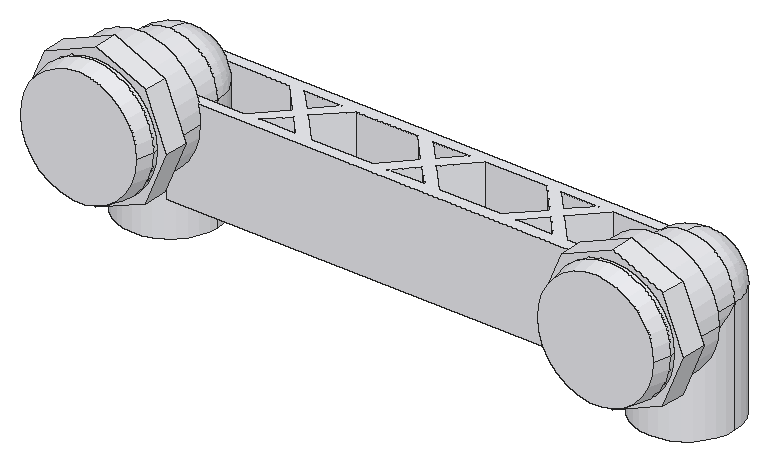
Revit family "ME_Оборудование [фитинг полипропиленовый - планка с водорозетками VTp.724.0]1 - VALTEC", category Оборудование, Revit 2019
Family settings
  Размер круглого соединителя = Использовать диаметр
  Классификация = Нет
  Тип детали = Нормальный
  На основе рабочей плоскости = Нет
  Всегда вертикально = Да
  При загрузке вырезать с полостями = Нет
  Общий = Нет
  Точка расчета площади = Нет
Parameters (values of type "VTp.724.0")
  Таблица = "PF_Соединение [фитинг полипропиленовый - планка с водорозетками VTp.724.0] - VALTEC"  # constant formula
  Пользовательский [instance] = no
  Материал доп.1 = Сталь, нержавеющая - VALTEC
  Manufacturer = ""
  r [instance] = size_lookup(Таблица, "r", 0 mm, d1, d2)  # 13.4 mm
  h5 [instance] = size_lookup(Таблица, "h5", 0 mm, d1, d2)  # 1.6 mm
  h2 [instance] = size_lookup(Таблица, "h2", 0 mm, d1, d2)  # 1.1 mm
  h1 [instance] = size_lookup(Таблица, "h1", 0 mm, d1, d2)  # 4.8 mm
  dn4 [instance] = size_lookup(Таблица, "dn4", 0 mm, d1, d2)  # 26.8 mm
  dn3 [instance] = size_lookup(Таблица, "dn3", 0 mm, d1, d2)  # 37.1 mm
  h3 [instance] = size_lookup(Таблица, "h4", 0 mm, d1, d2)  # 6.7 mm
  dn2 [instance] = size_lookup(Таблица, "dn2", 0 mm, d1, d2)  # 34.5 mm
  h4 [instance] = size_lookup(Таблица, "h3", 0 mm, d1, d2)  # 9 mm
  dn1 [instance] = size_lookup(Таблица, "dn1", 0 mm, d1, d2)  # 32.7 mm
  d2 [instance] = 15 mm
  d1 [instance] = 20 mm
  URL = "https://valtec.ru/"
  L [instance] = size_lookup(Таблица, "L", 0 mm, d1, d2)  # 145 mm
  H [instance] = size_lookup(Таблица, "H", 0 mm, d1, d2)  # 32 mm
  ADSK_Расход жидкости [instance] = 0.0 L/s
  ADSK_Примечание [instance] = ""
  ADSK_Позиция [instance] = ""
  ADSK_Обозначение [instance] = "VTp.724.0"  # constant formula
  ADSK_Наименование [instance] = size_lookup(Таблица, "", "Данный типоразмер отсутствует", d1, d2)  # "Планка полипропиленовая с водорозетками, 20 мм х 1/2\""
  ADSK_Материал = Пластик белый - VALTEC
  ADSK_Масса [instance] = size_lookup(Таблица, "Масса", 0, d1, d2)  # 0.122
  ADSK_Марка [instance] = size_lookup(Таблица, "Маркировка", "Данный типоразмер отсутствует", d1, d2)  # "20х1/2\""
  ADSK_Код изделия [instance] = size_lookup(Таблица, "Код продукта", "Данный типоразмер отсутствует", d1, d2)  # "VTp.724.0.02004"
  ADSK_Завод-изготовитель [instance] = "VALTEC"  # constant formula
  ADSK_Единица измерения [instance] = "шт."  # constant formula
  ADSK_URL страницы изделия = "https://valtec.ru/catalog/sistemy_polipropilenovyh_truboprovodov/polipropilenovye_fitingi/planka_polipropilenovaya_s_vodorozetkami.html"
  ADSK_URL документации изделия = "https://valtec.ru/document/technical/VTp.700-fitingi-0419.pdf"
  A [instance] = size_lookup(Таблица, "A", 0 mm, d1, d2)  # 22 mm
Reference planes
  plane 1 "По центру (Вперед/Назад)": y = 0
  plane 2: z = 0
  plane 3 "По центру (Влево/Вправо)": x = 0
  plane 4: y = -32
  plane 5: x = -72.5
  plane 6: x = 72.5
  plane 7: y = -27.2
  plane 8: y = -26.1
  plane 9: y = -19.4
  plane 10: y = -10.4
  plane 11: y = -8.8
  plane 12: y = 11
  plane 13: y = 8
  plane 14: y = -11
  plane 15: y = -8
  plane 16: y = 13.4
  plane 17: z = 13.4
  plane 18: z = -13.4
  plane 19: z = 13.4
  plane 20: z = -13.4
  plane 21: z = -32
  plane 22: z = -22
  plane 23: z = -19
  plane 24: z = 5
Forms (mm)
  Blend 1, solid, material "Пластик белый - VALTEC" <- "ADSK_Материал", detail levels medium+fine
    base sketch origin (0, 0, 0) x (1, 0, 0) y (0, 0, 1)
      loop
        circle (-72.5, 0) r 16.35
    top sketch origin (0, 0, 0) x (1, 0, 0) y (0, 0, 1)
      loop
        circle (-72.5, 0) r 17.25
    from 32 to 27.2
  Blend 2, solid, material "Пластик белый - VALTEC" <- "ADSK_Материал", detail levels medium+fine
    base sketch origin (145, 0, 0) x (1, 0, 0) y (0, 0, 1)
      loop
        circle (-72.5, 0) r 16.35
    top sketch origin (145, 0, 0) x (1, 0, 0) y (0, 0, 1)
      loop
        circle (-72.5, 0) r 17.25
    from 32 to 27.2
  Extrusion 3, solid, material "Пластик белый - VALTEC" <- "ADSK_Материал", detail levels medium+fine
    sketch origin (0, 0, 0) x (1, 0, 0) y (0, 0, 1)
      loop
        circle (-72.5, 0) r 17.25
      loop
        circle (72.5, 0) r 17.25
    from 26.1 to 27.2
  Extrusion 4, solid, material "Пластик белый - VALTEC" <- "ADSK_Материал", detail levels medium+fine
    sketch origin (0, 0, 0) x (1, 0, 0) y (0, 0, 1)
      loop
        circle (-72.5, 0) r 17.25
      loop
        circle (72.5, 0) r 17.25
    from 10.4 to 19.4
  Blend 5, solid, material "Пластик белый - VALTEC" <- "ADSK_Материал", detail levels medium+fine
    base sketch origin (0, 0, 0) x (1, 0, 0) y (0, 0, 1)
      loop
        circle (-72.5, 0) r 17.25
    top sketch origin (0, 0, 0) x (1, 0, 0) y (0, 0, 1)
      loop
        circle (-72.5, 0) r 13.4
    from 10.4 to 8.8
  Blend 6, solid, material "Пластик белый - VALTEC" <- "ADSK_Материал", detail levels medium+fine
    base sketch origin (145, 0, 0) x (1, 0, 0) y (0, 0, 1)
      loop
        circle (-72.5, 0) r 17.25
    top sketch origin (145, 0, 0) x (1, 0, 0) y (0, 0, 1)
      loop
        circle (-72.5, 0) r 13.4
    from 10.4 to 8.8
  Extrusion 7, solid, material "Пластик белый - VALTEC" <- "ADSK_Материал", detail levels medium+fine
    sketch origin (0, 0, 0) x (1, 0, 0) y (0, 0, 1)
      loop
        circle (-72.5, 0) r 13.4
      loop
        circle (72.5, 0) r 13.4
    from 0 to 11
  Extrusion 8, solid, material "Пластик белый - VALTEC" <- "ADSK_Материал", detail levels medium+fine
    sketch origin (0, 0, 0) x (1, 0, 0) y (0, 1, 0)
      loop
        circle (-72.5, 0) r 13.4
      loop
        circle (72.5, 0) r 13.4
    from -32 to 0
  Revolve 9, solid, material "Пластик белый - VALTEC" <- "ADSK_Материал", detail levels medium+fine
    sketch origin (-72.5, 2000, 1200) x (0, 1, 0) y (0, 0, 1)
      loop
        arc (-1986.6, -1200) -> (-1990.525, -1190.525) -> (-2000, -1186.6) r 13.4
        line (-2000, -1186.6) -> (-2000, -1200) -> (-1986.6, -1200)
      axis (-1986.6, -1200) -> (-2000, -1200)
    angle from 0 to 360
  Revolve 10, solid, material "Пластик белый - VALTEC" <- "ADSK_Материал", detail levels medium+fine
    sketch origin (72.5, 2000, 1200) x (0, 1, 0) y (0, 0, 1)
      loop
        arc (-1986.6, -1200) -> (-1990.525, -1190.525) -> (-2000, -1186.6) r 13.4
        line (-2000, -1186.6) -> (-2000, -1200) -> (-1986.6, -1200)
      axis (-1986.6, -1200) -> (-2000, -1200)
    angle from 0 to 360
  Extrusion 11, solid, material "Пластик белый - VALTEC" <- "ADSK_Материал", detail levels medium+fine
    sketch origin (0, 0, 0) x (0, 1, 0) y (0, 0, 1)
      loop
        line (8, 5) -> (8, -19) -> (-8, -19) -> (-8, 5) -> (-11, 5) -> (-11, -22) -> (11, -22) -> (11, 5) -> (8, 5)
    from -72.5 to 72.5
  Extrusion 12, solid, material "Пластик белый - VALTEC" <- "ADSK_Материал", detail levels medium+fine
    sketch origin (0, 0, 0) x (1, 0, 0) y (0, 1, 0)
      loop
        line (7.975, -11) -> (12.025, -11) -> (-7.975, 11) -> (-12.025, 11) -> (7.975, -11)
    from -19 to 5
  Extrusion 13, solid, material "Пластик белый - VALTEC" <- "ADSK_Материал", detail levels medium+fine
    sketch origin (0, 0, 0) x (-1, 0, 0) y (0, -1, 0)
      loop
        line (7.975, 11) -> (-12.025, -11) -> (-7.975, -11) -> (12.025, 11) -> (7.975, 11)
    from -19 to 5
  Extrusion 14, solid, material "Пластик белый - VALTEC" <- "ADSK_Материал", detail levels medium+fine
    sketch origin (-36, 0, 0) x (1, 0, 0) y (0, 1, 0)
      loop
        line (7.975, -11) -> (12.025, -11) -> (-7.975, 11) -> (-12.025, 11) -> (7.975, -11)
    from -19 to 5
  Extrusion 15, solid, material "Пластик белый - VALTEC" <- "ADSK_Материал", detail levels medium+fine
    sketch origin (-36, 0, 0) x (-1, 0, 0) y (0, -1, 0)
      loop
        line (7.975, 11) -> (-12.025, -11) -> (-7.975, -11) -> (12.025, 11) -> (7.975, 11)
    from -19 to 5
  Extrusion 16, solid, material "Пластик белый - VALTEC" <- "ADSK_Материал", detail levels medium+fine
    sketch origin (36, 0, 0) x (1, 0, 0) y (0, 1, 0)
      loop
        line (7.975, -11) -> (12.025, -11) -> (-7.975, 11) -> (-12.025, 11) -> (7.975, -11)
    from -19 to 5
  Extrusion 17, solid, material "Пластик белый - VALTEC" <- "ADSK_Материал", detail levels medium+fine
    sketch origin (36, 0, 0) x (-1, 0, 0) y (0, -1, 0)
      loop
        line (7.975, 11) -> (-12.025, -11) -> (-7.975, -11) -> (12.025, 11) -> (7.975, 11)
    from -19 to 5
Cuts and joins
  joined: Blend 1, Blend 2, Extrusion 3, Extrusion 4, Blend 5, Blend 6, Extrusion 7, Extrusion 8, Revolve 9, Revolve 10, Extrusion 11, Extrusion 12, Extrusion 13, Extrusion 14, Extrusion 15, Extrusion 16, Extrusion 17
Lines and regions (mm)
  reference lines
    curve 1: line (-72.5, 0, 0) -> (-72.5, -32, 0)
    curve 2: line (72.5, 0, 0) -> (72.5, -32, 0)
    curve 3: line (-72.5, 0, 5) -> (-72.5, 0, -32)
    curve 4: line (72.5, 0, 5) -> (72.5, 0, -32)
  symbolic lines, detail levels coarse
    curve 5: line (-91.05, 0, 0) -> (-53.95, 0, 0)
    curve 6: line (53.95, 0, 0) -> (91.05, 0, 0)
    curve 7: line (-72.5, -32, 0) -> (-91.05, 0, 0)
    curve 8: line (-53.95, 0, 0) -> (-72.5, -32, 0)
    curve 9: line (53.95, 0, 0) -> (72.5, -32, 0)
    curve 10: line (91.05, 0, 0) -> (72.5, -32, 0)
  model lines, detail levels coarse
    curve 11: line (-72.5, 0, -18.55) -> (-72.5, 0, 18.55)
    curve 12: line (-72.5, 0, 18.55) -> (-72.5, -32, 0)
    curve 13: line (-72.5, -32, 0) -> (-72.5, 0, -18.55)
    curve 14: line (-72.5, 0, -18.55) -> (-72.5, 0, -32)
    curve 15: line (72.5, 0, 18.55) -> (72.5, 0, -18.55)
    curve 16: line (72.5, 0, 18.55) -> (72.5, -32, 0)
    curve 17: line (72.5, 0, -18.55) -> (72.5, -32, 0)
    curve 18: line (72.5, 0, -18.55) -> (72.5, 0, -32)
Dimensions and locks
  equal spacing: plane 6, plane 3 "По центру (Влево/Вправо)", plane 5
  "L": plane 6 to plane 5
  "H": plane 1 "По центру (Вперед/Назад)" to plane 4
  "h1": plane 7 to plane 4
  "h2": plane 8 to plane 7
  "h3": plane 9 to plane 8
  "h4": plane 10 to plane 9
  "h5": plane 11 to plane 10
  locked: plane 12 to plane 13 at 3
  locked: plane 14 to plane 15 at 3
  equal spacing: plane 14, plane 1 "По центру (Вперед/Назад)", plane 12
  "A": plane 12 to plane 14
  "r": plane 1 "По центру (Вперед/Назад)" to plane 16
  equal spacing: plane 18, plane 2, plane 17
  "dn4": plane 18 to plane 17
  plane 20 to plane 19 = 26.8 mm
  "dn4": plane 20 to plane 19
  "H": plane 21 to plane 2
  plane 21 to plane 22 to plane 23 = 10 mm locked, 3 mm locked
  locked: plane 24 to plane 2 at 5
  equal spacing: curve 5, plane 5, curve 5
  equal spacing: curve 6, plane 6, curve 6
  "dn3": curve 5 to curve 5
  "dn3": curve 6 to curve 6
  equal spacing: curve 11, plane 2, curve 11
  "dn3": curve 11 to curve 11
  equal spacing: curve 15, level, curve 15
  "dn3": curve 15 to curve 15
  "dn1": diameter of Blend 1 sketch curve
  "dn2": diameter of Blend 1 sketch curve
  "dn1": diameter of Blend 2 sketch curve
  "dn2": diameter of Blend 2 sketch curve
  "dn2": diameter of Extrusion 3 sketch curve  (x2)
  "dn2": diameter of Extrusion 4 sketch curve  (x2)
  "dn2": diameter of Blend 5 sketch curve
  "dn4": diameter of Blend 5 sketch curve
  "dn2": diameter of Blend 6 sketch curve
  "dn4": diameter of Blend 6 sketch curve
  "dn4": diameter of Extrusion 7 sketch curve  (x2)
  "dn4": diameter of Extrusion 8 sketch curve  (x2)
  "r": radius of Revolve 9 sketch curve
  "r": radius of Revolve 10 sketch curve
  aligned and locked: level to plane 2
  aligned and locked: plane 5 to Blend 1 sketch curve  (x2)
  aligned and locked: level to Blend 1 sketch curve  (x2)
  aligned and locked: level to Blend 2 sketch curve  (x2)
  aligned and locked: level to Extrusion 3 sketch curve  (x2)
  aligned and locked: plane 5 to Extrusion 3 sketch curve
  aligned and locked: level to Extrusion 4 sketch curve  (x2)
  aligned and locked: plane 5 to Extrusion 4 sketch curve
  aligned and locked: plane 7 to Blend 1
  aligned and locked: plane 7 to Blend 2
  aligned and locked: Blend 1 to plane 4
  aligned and locked: Blend 2 to plane 4
  aligned and locked: Extrusion 3 to plane 7
  aligned and locked: plane 8 to Extrusion 3
  aligned and locked: Extrusion 4 to plane 9
  aligned and locked: plane 10 to Extrusion 4
  aligned and locked: level to Blend 5 sketch curve  (x2)
  aligned and locked: plane 5 to Blend 5 sketch curve  (x2)
  aligned and locked: level to Blend 6 sketch curve  (x2)
  aligned and locked: Blend 5 to plane 10
  aligned and locked: Blend 6 to plane 10
  aligned and locked: plane 11 to Blend 6
  aligned and locked: plane 11 to Blend 5
  aligned and locked: plane 6 to Blend 6 sketch curve  (x2)
  aligned and locked: plane 6 to Blend 2 sketch curve  (x2)
  aligned and locked: plane 6 to Extrusion 3 sketch curve
  aligned and locked: plane 6 to Extrusion 4 sketch curve
  aligned and locked: plane 5 to nested 2
  aligned and locked: nested 1 to plane 6
  aligned and locked: nested 1 to plane 8
  aligned and locked: nested 2 to plane 8
  aligned and locked: plane 6 to Extrusion 7 sketch curve
  aligned and locked: level to Extrusion 7 sketch curve  (x2)
  aligned and locked: plane 5 to Extrusion 7 sketch curve
  aligned and locked: plane 14 to Extrusion 7
  aligned and locked: plane 6 to Extrusion 8 sketch curve
  aligned and locked: plane 1 "По центру (Вперед/Назад)" to Extrusion 8 sketch curve  (x2)
  aligned and locked: plane 5 to Extrusion 8 sketch curve
  aligned and locked: level to Revolve 9 sketch curve  (x2)
  aligned and locked: Revolve 9 sketch curve to plane 1 "По центру (Вперед/Назад)"
  aligned and locked: Revolve 9 sketch curve to level
  aligned and locked: plane 22 to Extrusion 11 sketch curve
  aligned and locked: Extrusion 11 sketch curve to plane 23
  aligned and locked: Extrusion 11 sketch curve to plane 15
  aligned and locked: plane 14 to Extrusion 11 sketch curve
  aligned and locked: Extrusion 11 sketch curve to plane 24  (x2)
  aligned and locked: Extrusion 11 to plane 5
  aligned and locked: Extrusion 11 to plane 6
  aligned and locked: plane 23 to cut or joined group 1 (Blend 1, Blend 2, Extrusion 3, Extrusion 4, Blend 5, Blend 6, Extrusion 7, Extrusion 8, Revolve 9, Revolve 10, Extrusion 11, Extrusion 12, Extrusion 13, Extrusion 14, Extrusion 15, Extrusion 16, Extrusion 17)  (x6)
  aligned and locked: cut or joined group 1 to plane 24  (x5)
  aligned and locked: plane 4 to curve 1
  aligned and locked: plane 4 to curve 2
  aligned and locked: plane 1 "По центру (Вперед/Назад)" to curve 1
  aligned and locked: plane 1 "По центру (Вперед/Назад)" to curve 2
  aligned and locked: curve 1 to plane 5
  aligned and locked: plane 6 to curve 2
  aligned and locked: plane 21 to curve 3
  aligned and locked: plane 24 to curve 3
  aligned and locked: curve 3 to plane 5
  aligned and locked: plane 21 to curve 4
  aligned and locked: plane 24 to curve 4
  aligned and locked: plane 6 to curve 4
  aligned and locked: plane 4 to curve 10
  aligned and locked: plane 4 to curve 8
  aligned and locked: plane 1 "По центру (Вперед/Назад)" to curve 6
  aligned and locked: plane 1 "По центру (Вперед/Назад)" to curve 11
  aligned and locked: plane 21 to curve 14
  aligned and locked: plane 4 to curve 13
  aligned and locked: curve 15 to plane 1 "По центру (Вперед/Назад)"
  aligned and locked: plane 21 to curve 18
  aligned and locked: plane 4 to curve 17
  aligned and locked: Extrusion 11 sketch curve to plane 13
  aligned and locked: plane 12 to Extrusion 11 sketch curve
Automatic sketch dimensions
  Extrusion 12 sketch curve to plane 12 = 0 mm
  plane 14 to Extrusion 12 sketch curve = 0 mm
  Extrusion 12 sketch curve to plane 3 "По центру (Влево/Вправо)" = 12.025 mm
  Extrusion 12 sketch curve to Extrusion 12 sketch curve = 4.05 mm  (x2)
  plane 3 "По центру (Влево/Вправо)" to Extrusion 12 sketch curve = 7.975 mm
  Extrusion 13 sketch curve to plane 12 = 0 mm
  plane 14 to Extrusion 13 sketch curve = 0 mm
  Extrusion 13 sketch curve to plane 3 "По центру (Влево/Вправо)" = 12.025 mm
  Extrusion 13 sketch curve to Extrusion 13 sketch curve = 4.05 mm  (x2)
  plane 3 "По центру (Влево/Вправо)" to Extrusion 13 sketch curve = 7.975 mm
  Extrusion 14 sketch curve to plane 12 = 0 mm
  plane 14 to Extrusion 14 sketch curve = 0 mm
  plane 5 to Extrusion 14 sketch curve = 24.475 mm
  Extrusion 14 sketch curve to Extrusion 14 sketch curve = 4.05 mm  (x2)
  Extrusion 14 sketch curve to Extrusion 14 sketch curve = 15.95 mm
  Extrusion 15 sketch curve to plane 12 = 0 mm
  plane 14 to Extrusion 15 sketch curve = 0 mm
  plane 3 "По центру (Влево/Вправо)" to Extrusion 15 sketch curve = 23.975 mm
  Extrusion 15 sketch curve to Extrusion 15 sketch curve = 4.05 mm  (x2)
  Extrusion 15 sketch curve to Extrusion 15 sketch curve = 15.95 mm
  Extrusion 16 sketch curve to plane 12 = 0 mm
  plane 14 to Extrusion 16 sketch curve = 0 mm
  plane 3 "По центру (Влево/Вправо)" to Extrusion 16 sketch curve = 23.975 mm
  Extrusion 16 sketch curve to Extrusion 16 sketch curve = 4.05 mm  (x2)
  Extrusion 16 sketch curve to Extrusion 16 sketch curve = 15.95 mm
  Extrusion 17 sketch curve to plane 12 = 0 mm
  plane 14 to Extrusion 17 sketch curve = 0 mm
  Extrusion 17 sketch curve to plane 6 = 24.475 mm
  Extrusion 17 sketch curve to Extrusion 17 sketch curve = 4.05 mm  (x2)
  Extrusion 17 sketch curve to Extrusion 17 sketch curve = 15.95 mm
  curve 7 to plane 5 = 0 mm
  curve 9 to plane 6 = 0 mm
  plane 1 "По центру (Вперед/Назад)" to curve 8 = 0 mm
  Revolve 9 sketch curve to plane 4 = 2794.516 mm
  plane 16 to Revolve 9 sketch curve = 1429.021 mm
  Revolve 10 sketch curve to level = 0 mm  (x2)
  Revolve 10 sketch curve to plane 1 "По центру (Вперед/Назад)" = 0 mm
  Revolve 10 sketch curve to plane 4 = 2794.516 mm
  plane 16 to Revolve 10 sketch curve = 1429.021 mm
  curve 13 to level = 0 mm
  curve 16 to level = 0 mm
Nested families
  nested 1: "Гайка - горизонталь" at (72.5, -22.75, 0) x (0, 1, 0) z (0, 0, 1), d <- "dn3", l <- "h3", ADSK_Материал <- "ADSK_Материал", type "Гайка - горизонталь", detail levels medium+fine
    with l 6.7 mm, d 37.1 mm, ADSK_Материал Пластик белый - VALTEC
  nested 2: "Гайка - горизонталь" at (-72.5, -22.75, 0) x (0, 1, 0) z (0, 0, 1), d <- "dn3", l <- "h3", ADSK_Материал <- "ADSK_Материал", type "Гайка - горизонталь", detail levels medium+fine
    with l 6.7 mm, d 37.1 mm, ADSK_Материал Пластик белый - VALTEC
Connectors
  piping at (-72.5, 0, -32), diameter 20, driven by "d1", driven by "ADSK_Расход жидкости"
    settings: on curve 3, index 1, connector inside diameter 609.6 mm, connector length 0 mm, flow factor 0, pipe flow 0.0 L/s, pressure drop 0.0 Pa, fitting loss kfactor 0, connector angle 0.00°, fixture units 0, engagement length 0 mm, angle of deflection 0.00°, flow configuration 0, flow direction 0, fitting loss method 0, system type 29, joint type 0, gender type 0, connector reference index 3, connector utility 0, adjustable connector no, is connector primary yes, connector description ""
  piping at (72.5, 0, -32), diameter 20, driven by "d1", driven by "ADSK_Расход жидкости"
    settings: on curve 4, index 2, connector inside diameter 609.6 mm, connector length 0 mm, flow factor 0, pipe flow 0.0 L/s, pressure drop 0.0 Pa, fitting loss kfactor 0, connector angle 0.00°, fixture units 0, engagement length 0 mm, angle of deflection 0.00°, flow configuration 0, flow direction 0, fitting loss method 0, system type 29, joint type 0, gender type 0, connector reference index 4, connector utility 0, adjustable connector no, is connector primary no, connector description ""
  piping at (-72.5, -32, 0), diameter 20, driven by "d1", driven by "ADSK_Расход жидкости"
    settings: on curve 1, index 3, connector inside diameter 609.6 mm, connector length 0 mm, flow factor 0, pipe flow 0.0 L/s, pressure drop 0.0 Pa, fitting loss kfactor 0, connector angle 0.00°, fixture units 0, engagement length 0 mm, angle of deflection 0.00°, flow configuration 0, flow direction 0, fitting loss method 0, system type 29, joint type 0, gender type 0, connector reference index 1, connector utility 0, adjustable connector no, is connector primary no, connector description ""
  piping at (72.5, -32, 0), diameter 20, driven by "d1", driven by "ADSK_Расход жидкости"
    settings: on curve 2, index 4, connector inside diameter 609.6 mm, connector length 0 mm, flow factor 0, pipe flow 0.0 L/s, pressure drop 0.0 Pa, fitting loss kfactor 0, connector angle 0.00°, fixture units 0, engagement length 0 mm, angle of deflection 0.00°, flow configuration 0, flow direction 0, fitting loss method 0, system type 29, joint type 0, gender type 0, connector reference index 2, connector utility 0, adjustable connector no, is connector primary no, connector description ""
Definition of nested family "Гайка - горизонталь"
  Parameters (values of type "Гайка - горизонталь")
    d [instance] = 588.881 mm
    l [instance] = 637.4 mm
    ADSK_Материал [instance] = none
  Reference planes
    plane 1 "По центру (Вперед/Назад)": y = 0
    plane 2: z = 0
    plane 3 "По центру (Влево/Вправо)": x = 0
    plane 4: y = 318.7
    plane 5: y = -318.7
    plane 6: through (0, -912.519, 2972.425) normal (0, -0.9239, -0.3827)
    plane 7: through (0, -1234.338, 2979.956) normal (0, -0.9239, -0.3827)
    plane 8: through (0, -1556.157, 2987.486) normal (0, -0.9239, -0.3827)
    plane 9: through (0, 1234.338, 2979.956) normal (0, -0.9239, 0.3827)
    plane 10: through (0, -2420.114, 1321.144) normal (0, -0.3827, -0.9239)
    plane 11: through (0, -2532.792, 1049.117) normal (0, -0.3827, -0.9239)
    plane 12: through (0, -2645.469, 777.089) normal (0, -0.3827, -0.9239)
    plane 13: through (0, 2420.114, 1321.144) normal (0, -0.3827, 0.9239)
    plane 14: through (0, 2532.792, 1049.117) normal (0, -0.3827, 0.9239)
    plane 15: through (0, 2645.469, 777.089) normal (0, -0.3827, 0.9239)
    plane 16: through (0, 912.519, 2972.425) normal (0, -0.9239, 0.3827)
    plane 17: through (0, 1234.338, 2979.956) normal (0, -0.9239, 0.3827)
    plane 18: through (0, 1556.157, 2987.486) normal (0, -0.9239, 0.3827)
    plane 19: x = 318.7
    plane 20: x = -318.7
  Forms (mm)
    Extrusion 1, solid, material <- "ADSK_Материал"
      sketch origin (0, 0, 0) x (0, 1, 0) y (0, 0, 1)
        loop
          line (0, 318.7) -> (-225.355, 225.355) -> (-318.7, 0) -> (-225.355, -225.355) -> (0, -318.7) -> (225.355, -225.355) -> (318.7, 0) -> (225.355, 225.355) -> (0, 318.7)
      from -318.7 to 318.7
  Lines and regions (mm)
    reference lines
      curve 1: line (0, -112.677, -272.027) -> (0, 112.677, 272.027)
      curve 2: line (0, -272.027, 112.677) -> (0, 272.027, -112.677)
  Dimensions and locks
    equal spacing: plane 4, plane 1 "По центру (Вперед/Назад)", plane 5
    locked: plane 4 to plane 5 at 637.4
    equal spacing: plane 8, plane 7, plane 6
    "d": plane 8 to plane 6
    equal spacing: plane 12, plane 11, plane 10
    "d": plane 12 to plane 10
    equal spacing: plane 15, plane 14, plane 13
    "d": plane 15 to plane 13
    equal spacing: plane 18, plane 17, plane 16
    "d": plane 18 to plane 16
    equal spacing: plane 20, plane 3 "По центру (Влево/Вправо)", plane 19
    "l": plane 20 to plane 19
    aligned and locked: level to plane 2
    aligned and locked: plane 10 to Extrusion 1 sketch curve
    aligned and locked: plane 13 to Extrusion 1 sketch curve
    aligned and locked: plane 16 to Extrusion 1 sketch curve
    aligned and locked: Extrusion 1 sketch curve to plane 8
    aligned and locked: Extrusion 1 sketch curve to plane 12
    aligned and locked: Extrusion 1 sketch curve to plane 15
    aligned and locked: Extrusion 1 sketch curve to plane 18
    aligned and locked: plane 6 to Extrusion 1 sketch curve
    aligned and locked: plane 19 to Extrusion 1
    aligned and locked: plane 20 to Extrusion 1
    aligned and locked: Extrusion 1 to plane 19
    aligned and locked: plane 16 to curve 2
    aligned and locked: plane 18 to curve 2
    aligned and locked: curve 2 to plane 11
    aligned and locked: plane 12 to curve 1
    aligned and locked: plane 10 to curve 1
    aligned and locked: curve 1 to plane 17
